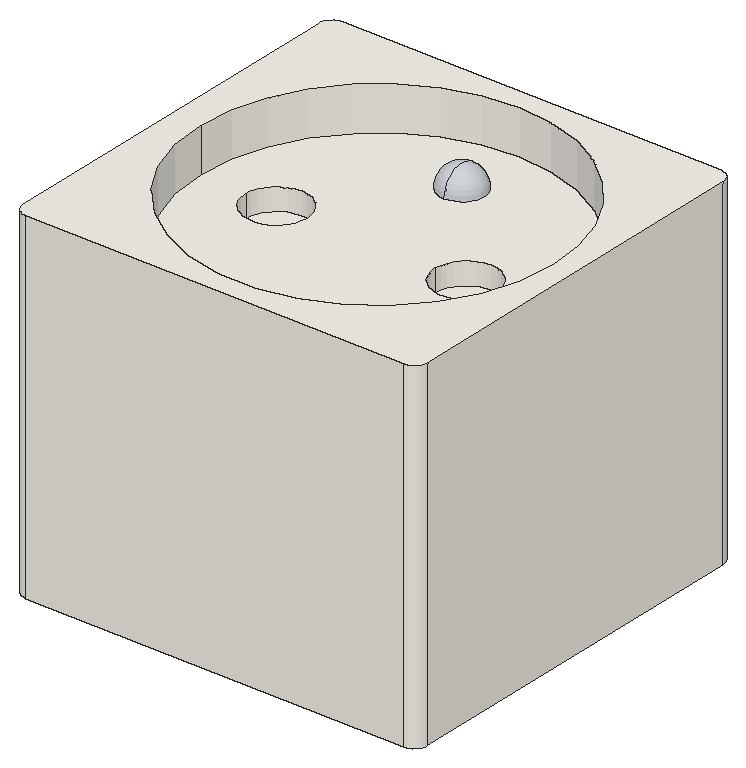
Revit family "Domotics-DomesticRanges-GEWISS-CHORUS_POWER-SOCKET-OUTLET_FRA", category Apparecchi elettrici, host Superficie, Revit 2016
Family settings
  Host = Superficie
  Mantenere orientamento annotazione = Sì
  Tipo di parte = Normale
  Quota connettore circolare = Usa diametro
  Taglio con vuoti quando caricato = Sì
  Condiviso = Sì
  Punto di calcolo locali = Sì
Parameters (values of type "GW14248 - Socket outlet 2M 2P+E 16A french o.fr.term.ti.")
  Wiring terminals = "Screws with front tightening terminals"
  Voltage: = "250 V ac"
  Voltage = "250 V ac"
  Volt = 230 V
  Vista in pianta [instance] = yes
  Version file RFA = "19.0"
  URL = "https://www.gewiss.com/ww/en"
  Type: = ""
  Type = ""
  Tipo_ = Chorus Prese Fra_GENERICO : GW14248 Presa 2M 2P+T 16A morsetti frontali standard Francese titanio
  Thermo-pressure with ball = "125 °C"
  Terminal tightening capacity rigid cables (mm2) = "min. 0,5 - max. 2x2,5"
  Terminal tightening capacity flexible cables (mm2) = "min. 0,75 - max. 2x4"
  Terminal grip on cable traction = "> 50 N"
  Technical sheet = "https://www.gewiss.com/ww/en/search?q=GW14248"
  TXT ELETTRICO = "16"
  Standard; = "IEC 60884-1; NF C 61-314"
  Standard: = "French"
  Standard = "French"
  Simbolo_ [instance] = yes
  SEO = "Socket outlet"
  Resistance at test voltage = "2000 V at 50 Hz for 1 minute"
  Realized by GEWISS S.p.A. = ""
  Default Elevation = 1219.2 mm
  Prolonged operation (no.of position changes) = "10.000 at In 250 V ac cosØ=0,8"
  Produttore = "GEWISS S.p.A."
  Offset presa [instance] = 0 mm
  Offset bidimensionale [instance] = 2 mm
  No. Chorus modules: = "2"
  No. Chorus modules = "2"
  N. poli = 1
  Modello = "GW14248"
  Insulation resistance = "> 5 MOhm"
  Immagine tipo = GW14248.jpg
  IFC.TypeObject = ""
  IFC.ExportType = ""
  IFC.ExportAs = ""
  IDT = "8e79b32c-c3c2-4593-b20f-dce0ece3d5d6"
  IDF = "ca032678-5032-499c-8887-160b7c004776"
  Glow Wire Test = "850°C"
  For plug pins = "Ø 4 / 4.8 mm"
  Electrocod = "0131"
  EAN code = "8011564292772"
  Distanza_x [instance] = 0 mm
  Distanza_effettiva_x [instance] = 1000 mm - Distanza_x  # 1000 mm
  Descrizione = "2M 2P+E 16A FRENCH SOCKET O.FR.TERM.TI."
  Description: = "2P+E - 16A"
  Description. = "Socket-outlet"
  Colour = "Titanium"
  Characteristics = "With safety shields"
  Category = "Socket-outlet"
  Catalogue Range = "CHORUS - DOMESTIC RANGE"
  Catalogue = "DOMOTICS"
  Carico apparente = 0 VA
  COBie.Tagnumber = ""
  COBie.CreatedOn = ""
  COBie.CreatebBy = ""
  COBie.ComponentRegisterItemID = ""
  COBie.Component.TagNumber = ""
  COBie.Component.Space = ""
  COBie.Component.SerialNumber = ""
  COBie.Component.InstallationDate = ""
  COBie.Component.Description = ""
  COBie.Component.BarCode = ""
  Breaking capacity: = "1.25 In (100 position changes)"
Types (10, lengths in mm): name | Wiring terminals | Type: | Type | Tipo_ | Technical sheet | Modello | Immagine tipo | IDT | EAN code | Descrizione | Description: | Colour
  GW10246 - Socket outlet outlet 2M 2P 16A fr st white | "With screw" | "" | "" | Chorus Prese Fra_GENERICO : GW10246 Presa 2M 2P 16A standard Francese bianco | "https://www.gewiss.com/ww/en/search?q=GW10246" | "GW10246" | GW10246.jpg | "e9863bb8-3996-4d7c-853b-ae1a7bfa6a6e" | "8011564257962" | "SOCKET OUTLET 2M 2P 16A FR ST WHITE" | "2P - 16A" | "White"
  GW10247 - Socket outlet outlet 2M 2P+E 16A fr st white | "With screw" | "" | "" | Chorus Prese Fra_GENERICO : GW10247 Presa 2M 2P+T 16A standard Francese bianco | "https://www.gewiss.com/ww/en/search?q=GW10247" | "GW10247" | GW10247.jpg | "ef4d8873-50f7-45c1-b3b3-4325a761c08a" | "8011564257979" | "SOCKET OUTLET 2M 2P+E 16A FR ST WHITE" | "2P+E - 16A" | "White"
  GW10248 - Socket outlet2M 2P+E 16A fr front term. Wh | "Screws with front tightening terminals" | "" | "" | Chorus Prese Fra_GENERICO : GW10248 Presa 2M 2P+T 16A morsetti frontali standard Francese bianco | "https://www.gewiss.com/ww/en/search?q=GW10248" | "GW10248" | GW10248.jpg | "1e1621fe-85f7-4fed-ae74-8a5994fcda31" | "8011564292758" | "S. OUTL. 2M 2P+E 16A FR FRONT TERM. WH" | "2P+E - 16A" | "White"
  GW10258 - Socket outlet 2M 2P+E 16A fr front term. Red | "Screws with front tightening terminals" | "For allocated lines" | "For allocated lines" | Chorus Prese Fra_GENERICO : GW10258 Presa 2M 2P+T 16A morsetti frontali standard Francese rossa | "https://www.gewiss.com/ww/en/search?q=GW10258" | "GW10258" | GW10258.jpg | "9bc47f4f-b6c1-4ccb-a55b-f90e2ea302ed" | "8011564292819" | "S. OUTL. 2M 2P+E 16A FR FRONT TERM. RED" | "2P+E - 16A" | "Red"
  GW12246 - Socket outlet 2M 2P 16A french st black | "With screw" | "" | "" | Chorus Prese Fra_GENERICO : GW12246 Presa 2M 2P 16A standard Francese nero | "https://www.gewiss.com/ww/en/search?q=GW12246" | "GW12246" | GW12246.jpg | "ed7026e6-0538-4685-b7d3-336fbad3f25d" | "8011564266926" | "SOCKET 2M 2P 16A FRENCH ST BLACK" | "2P - 16A" | "Black"
  GW12247 - Socket outlet 2M 2P+E 16A french st black | "With screw" | "" | "" | Chorus Prese Fra_GENERICO : GW12247 Presa 2M 2P+T 16A standard Francese nero | "https://www.gewiss.com/ww/en/search?q=GW12247" | "GW12247" | GW12247.jpg | "c5b04a9e-2a4f-440b-b217-8cbbeb2a50ae" | "8011564266933" | "SOCKET 2M 2P+E 16A FRENCH ST BLACK" | "2P+E - 16A" | "Black"
  GW12248 - Socket outlet 2M 2P+E 16A french o.fr.term.bl. | "Screws with front tightening terminals" | "" | "" | Chorus Prese Fra_GENERICO : GW12248 Presa 2M 2P+T 16A morsetti frontali standard Francese nero | "https://www.gewiss.com/ww/en/search?q=GW12248" | "GW12248" | GW12248.jpg | "456b6d6e-329b-43ca-8a7b-f14407a79171" | "8011564292765" | "2M 2P+E 16A FRENCH SOCKET O.FR.TERM.BL." | "2P+E - 16A" | "Black"
  GW14246 - Socket outlet 2M 2P 16A french st titanium | "With screw" | "" | "" | Chorus Prese Fra_GENERICO : GW14246 Presa 2M 2P 16A standard Francese titanio | "https://www.gewiss.com/ww/en/search?q=GW14246" | "GW14246" | GW14246.jpg | "70e3e2fd-f471-4683-af9b-3027a2f9aaac" | "8011564266377" | "SOCKET 2M 2P 16A FRENCH ST TITANIUM" | "2P - 16A" | "Titanium"
  GW14247 - Socket outlet 2M 2P+E 16A french st titanium | "With screw" | "" | "" | Chorus Prese Fra_GENERICO : GW14247 Presa 2M 2P+T 16A standard Francese titanio | "https://www.gewiss.com/ww/en/search?q=GW14247" | "GW14247" | GW14247.jpg | "4d86cfbc-bb76-450f-81ea-da2edb131dff" | "8011564266384" | "SOCKET 2M 2P+E 16A FRENCH ST TITANIUM" | "2P+E - 16A" | "Titanium"
  GW14248 - Socket outlet 2M 2P+E 16A french o.fr.term.ti. | "Screws with front tightening terminals" | "" | "" | Chorus Prese Fra_GENERICO : GW14248 Presa 2M 2P+T 16A morsetti frontali standard Francese titanio | "https://www.gewiss.com/ww/en/search?q=GW14248" | "GW14248" | GW14248.jpg | "8e79b32c-c3c2-4593-b20f-dce0ece3d5d6" | "8011564292772" | "2M 2P+E 16A FRENCH SOCKET O.FR.TERM.TI." | "2P+E - 16A" | "Titanium"
Reference planes
  plane 1 "Centro (Fronte/Retro)": y = 0
  plane 2: z = 0
  plane 3 "Centro (Sinistra/Destra)": x = 0
  plane 4: x = -1000
  plane 5: x = 0
  plane 6: z = 41
  plane 7: z = 0
  plane 8: z = 39
Lines and regions (mm)
  Masking region 1, visible <- "Vista in pianta"
    outline origin (0, 0, 0) x (1, 0, 0) y (0, 1, 0)
      loop
        line (-23, 21) -> (-23, -21)
        arc (-23, -21) -> (-22.561, -22.061) -> (-21.5, -22.5) r 1.5
        line (-21.5, -22.5) -> (21.5, -22.5)
        arc (21.5, -22.5) -> (22.561, -22.061) -> (23, -21) r 1.5
        line (23, -21) -> (23, 21)
        arc (23, 21) -> (22.561, 22.061) -> (21.5, 22.5) r 1.5
        line (21.5, 22.5) -> (-21.5, 22.5)
        arc (-21.5, 22.5) -> (-22.561, 22.061) -> (-23, 21) r 1.5
      loop
        circle (0.5, 0) r 20.156
      loop
        circle (-10.781, -0.293) r 3.536
      loop
        circle (10.781, -0.293) r 3.536
  Masking region 2, visible <- "Vista in pianta"
    outline origin (0, 0, 0) x (1, 0, 0) y (0, 0, 1)
      loop
        line (23, 0) -> (23, 39) -> (-23, 39) -> (-23, 0) -> (23, 0)
  Masking region 3, visible <- "Vista in pianta"
    outline origin (0, 0, 0) x (0, 1, 0) y (0, 0, 1)
      loop
        line (22.5, 0) -> (22.5, 39) -> (-22.5, 39) -> (-22.5, 0) -> (22.5, 0)
Dimensions and locks
  plane 4 to plane 3 "Centro (Sinistra/Destra)" = 1000 mm
  "Distanza_effettiva_x": plane 4 to plane 5
  "Offset presa": plane 7 to host face
  locked: plane 8 to plane 7 at 39
  "Offset bidimensionale": plane 6 to plane 8
  aligned and locked: plane 2 to host face
  aligned and locked: level to host face
  aligned and locked: plane 5 to nested 1
  aligned and locked: plane 3 "Centro (Sinistra/Destra)" to nested 2
  aligned and locked: plane 1 "Centro (Fronte/Retro)" to nested 2
  aligned and locked: nested 2 to plane 7
  aligned and locked: nested 2 to plane 8  (x2)
  aligned and locked: plane 7 to nested 2  (x2)
  aligned and locked: Masking region 1 sketch curve to nested 2  (x4)
  aligned and locked: import instance to plane 6
  aligned and locked: Masking region 2 sketch curve to nested 2  (x2)
  aligned and locked: plane 8 to Masking region 2 sketch curve
  aligned and locked: plane 7 to Masking region 2 sketch curve
  aligned and locked: Masking region 3 sketch curve to nested 2  (x2)
  aligned and locked: plane 8 to Masking region 3 sketch curve
  aligned and locked: plane 7 to Masking region 3 sketch curve
Automatic sketch dimensions
  host sketch curve to host sketch curve = 2438.4 mm  (x2)
  Masking region 1 sketch curve to Masking region 1 sketch curve = 1.5 mm  (x4)
  plane 1 "Centro (Fronte/Retro)" to Masking region 1 sketch curve = 0 mm
  plane 3 "Centro (Sinistra/Destra)" to Masking region 1 sketch curve = 0.5 mm
  Masking region 1 sketch curve to plane 3 "Centro (Sinistra/Destra)" = 19.656 mm
  plane 1 "Centro (Fronte/Retro)" to Masking region 1 sketch curve = 0.293 mm  (x2)
  Masking region 1 sketch curve to Masking region 1 sketch curve = 8.875 mm
  Masking region 1 sketch curve to Masking region 1 sketch curve = 3.536 mm  (x2)
  Masking region 1 sketch curve to Masking region 1 sketch curve = 0 mm  (x2)
  Masking region 1 sketch curve to Masking region 1 sketch curve = 9.875 mm
Nested families
  nested 1: "SIMBOLO PRESE" at (0, 100, 0), TESTO ELETTRICO <- "TXT ELETTRICO", SIMBOLO <- "Simbolo_", visible <- "Simbolo_", type "PRESA"
    with TESTO ELETTRICO "16", SIMBOLO yes, Distanza dal muro 4.208 mm, BORDO ACCESO yes
  nested 2: "Chorus Prese Fra_GENERICO" at (0, 0, 0), type <- "Tipo_", type "GW14248 Presa 2M 2P+T 16A morsetti frontali standard Francese titanio", detail levels medium+fine
Connectors
  electrical at (0, 0, 0), driven by "N. poli", driven by "Volt", driven by "Carico apparente"
    settings: on nested 2, index 1, voltage 230 V, apparent load 0 VA, apparent load phase1 0 VA, apparent load phase2 0 VA, apparent load phase3 0 VA, power factor 1, load classification "Altro", number of poles 1, system type 31, power factor state 1, is connector primary yes, connector utility no, sub classification motor no, connector description ""
Definition of nested family "Chorus Prese Fra_GENERICO"
  Parameters (values of type "GW10246 Presa 2M 2P 16A standard Francese bianco")
    Terra = no
    Profondità presa = 39 mm  # constant formula
    Finitura Terra = none
    Finitura Presa = none
    Altezza da Terra = 500 mm
  Types (10, lengths in mm): name | Terra
    GW10246 Presa 2M 2P 16A standard Francese bianco | no
    GW10247 Presa 2M 2P+T 16A standard Francese bianco | yes
    GW10248 Presa 2M 2P+T 16A morsetti frontali standard Francese bianco | yes
    GW10258 Presa 2M 2P+T 16A morsetti frontali standard Francese rossa | yes
    GW12246 Presa 2M 2P 16A standard Francese nero | no
    GW12247 Presa 2M 2P+T 16A standard Francese nero | yes
    GW12248 Presa 2M 2P+T 16A morsetti frontali standard Francese nero | yes
    GW14246 Presa 2M 2P 16A standard Francese titanio | no
    GW14247 Presa 2M 2P+T 16A standard Francese titanio | yes
    GW14248 Presa 2M 2P+T 16A morsetti frontali standard Francese titanio | yes
  Reference planes
    plane 1 "Centro (Fronte/Retro)": y = 0
    plane 2: z = 0
    plane 3 "Centro (Sinistra/Destra)": x = 0
    plane 4: y = -22.5
    plane 5: y = 22.5
    plane 6: y = 12.596
    plane 7: z = 39
  Forms (mm)
    Extrusion 1, solid, material <- "Finitura Presa"
      sketch origin (0, -522.5, 39) x (1, 0, 0) y (0, 1, 0)
        loop
          arc (-21.5, 545) -> (-22.561, 544.561) -> (-23, 543.5) r 1.5
          line (-23, 543.5) -> (-23, 501.5)
          arc (-23, 501.5) -> (-22.561, 500.439) -> (-21.5, 500) r 1.5
          line (-21.5, 500) -> (21.5, 500)
          arc (21.5, 500) -> (22.561, 500.439) -> (23, 501.5) r 1.5
          line (23, 501.5) -> (23, 543.5)
          arc (23, 543.5) -> (22.561, 544.561) -> (21.5, 545) r 1.5
          line (21.5, 545) -> (-21.5, 545)
      from 0 to -39
    Extrusion 2, void
      sketch origin (0, -522.5, 39) x (1, 0, 0) y (0, 1, 0)
        loop
          circle (0.5, 522.5) r 20.156
      from -5 to 0
    Extrusion 3, void
      sketch origin (0, -522.5, 39) x (1, 0, 0) y (0, 1, 0)
        loop
          circle (10.781, 522.207) r 3.536
        loop
          circle (-10.781, 522.207) r 3.536
      from -7.5 to -5
    Revolve 4, solid, material <- "Finitura Terra", visible <- "Terra"
      sketch origin (0, -522.5, 39) x (0, 0, -1) y (0, 1, 0)
        loop
          line (5, 535.096) -> (2.482, 535.096)
          arc (2.482, 535.096) -> (3.219, 533.315) -> (5, 532.578) r 2.518
          line (5, 532.578) -> (5, 535.096)
        axis (5, 535.096) -> (2.482, 535.096)
      angle from 0 to 360
  Cuts and joins
    Extrusion 2, Extrusion 3 cuts Extrusion 1
  Dimensions and locks
    equal spacing: plane 5, plane 1 "Centro (Fronte/Retro)", plane 4
    locked: plane 5 to plane 4 at 45
    locked: plane 6 to plane 1 "Centro (Fronte/Retro)" at 12.596
    "Profondità presa": plane 7 to level
    aligned and locked: level to plane 2
    aligned and locked: Extrusion 1 to level
    aligned and locked: plane 7 to cut or joined group of Extrusion 1, Extrusion 2, Extrusion 3
  Automatic sketch dimensions
    Extrusion 1 sketch curve to plane 4 = 0 mm
    Extrusion 1 sketch curve to plane 5 = 0 mm
    plane 1 "Centro (Fronte/Retro)" to Extrusion 2 sketch curve = 0 mm
    plane 3 "Centro (Sinistra/Destra)" to Extrusion 2 sketch curve = 0.5 mm
    plane 1 "Centro (Fronte/Retro)" to Extrusion 3 sketch curve = 0.293 mm  (x2)
    Extrusion 3 sketch curve to plane 3 "Centro (Sinistra/Destra)" = 10.781 mm
    plane 3 "Centro (Sinistra/Destra)" to Extrusion 3 sketch curve = 10.781 mm
    Revolve 4 sketch curve to plane 6 = 0 mm  (x2)
    level to Revolve 4 sketch curve = 36.518 mm
    level to Revolve 4 sketch curve = 34 mm
    Revolve 4 sketch curve to Revolve 4 sketch curve = 1.144 mm
    Revolve 4 sketch curve to Revolve 4 sketch curve = 0 mm
    plane 3 "Centro (Sinistra/Destra)" to Extrusion 1 sketch curve = 21.5 mm  (x2)
    Extrusion 1 sketch curve to plane 5 = 1.5 mm  (x2)
    Extrusion 1 sketch curve to plane 3 "Centro (Sinistra/Destra)" = 21.5 mm
    Extrusion 1 sketch curve to Extrusion 1 sketch curve = 1.5 mm
    radius of Extrusion 2 sketch curve = 20.156 mm
    radius of Extrusion 3 sketch curve = 3.536 mm  (x2)
Definition of nested family "SIMBOLO PRESE"
  Parameters (values of type "PRESA")
    TESTO ELETTRICO [instance] = "TXT"
    Simbolo = SIMBOLO PRESE_BASE : PRESA
    SIMBOLO [instance] = yes
    Distanza dal muro [instance] = 4.208 mm
    BORDO ACCESO [instance] = yes
  Reference planes
    plane 1: y = 0
    plane 2: x = 0
  Dimensions and locks
    aligned and locked: plane 1 to nested 1
    aligned and locked: plane 2 to nested 1
  Nested families
    nested 1: "SIMBOLO PRESE_BASE" at (0, 0, 0), type <- "Simbolo", TESTO ELETTRICO <- "TESTO ELETTRICO", BORDO ACCESO <- "BORDO ACCESO", visible <- "SIMBOLO", type "PRESA"
      with TESTO ELETTRICO "TXT", BORDO ACCESO yes
  Definition of nested family "SIMBOLO PRESE_BASE"
    Parameters (values of type "PRESA")
      TESTO ELETTRICO [instance] = "TXT"
      Distanza dal muro = 4.208 mm
      BORDO ACCESO [instance] = yes
    Reference planes
      plane 1: y = 0
      plane 2: x = 0
    Lines and regions (mm)
      detail lines, visible <- "BORDO ACCESO", not visible
        curve 1: line (-1.743, 9.208, 0) -> (2.057, 9.208, 0)
        curve 2: line (2.057, 9.208, 0) -> (2.057, 4.208, 0)
        curve 3: line (2.057, 4.208, 0) -> (-1.743, 4.208, 0)
        curve 4: line (-1.743, 4.208, 0) -> (-1.743, 9.208, 0)
        curve 5: line (-1.543, 9.008, 0) -> (1.857, 9.008, 0)
        curve 6: line (1.857, 9.008, 0) -> (1.857, 4.408, 0)
        curve 7: line (1.857, 4.408, 0) -> (-1.543, 4.408, 0)
        curve 8: line (-1.543, 4.408, 0) -> (-1.543, 9.008, 0)
      detail lines
        curve 9: line (0.783, 1.133, 0) -> (-0.783, 1.133, 0)
        curve 10: line (0, 1.133, 0) -> (0, 0.349, 0)
        curve 11: arc (-0.783, 1.916, 0) -> (0, 1.133, 0) -> (0.783, 1.916, 0) r 0.783
    Text (mm)
      label "TXT" at (0.016, 1.578, 0), shows "TESTO ELETTRICO"
